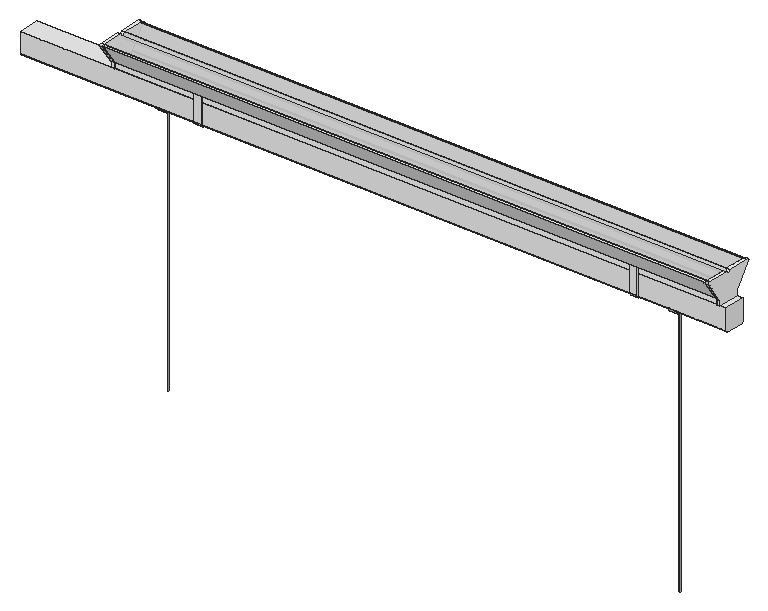
Revit family "0042288 Lighting Fixture_Sylvania_HSX Syl-Line_Ceiling Pendant", category Lighting Fixtures, host Face, Revit 2017
Family settings
  Host = Face
  Round Connector Dimension = Use Diameter
  Part Type = Normal
  OmniClass Number = 23.80.70.11.17
  OmniClass Title = Specialized Lighting by Location or Use
  Cut with Voids When Loaded = No
  Light Source = Yes
  Shared = No
  Room Calculation Point = No
Parameters (values of type "HSXSYL  LED NW DALI 1720 WB")
  Width = 164.0 mm
  Weight = 5.60 kg
  Wattage = 71.6129 W
  built-in parameter 1150110 = 1 (stored number, unit not read)
  Voltage Comments = "UNV (Universal Voltage; 220-240 Volt)"  # constant formula
  Voltage = 230 V  # constant formula
  URL = "http://www.sylvania-lighting.com"
  Trucking Material = Steel_Sylvania_HSX Syl-Line_White
  built-in parameter 1114217 = 1 (stored number, unit not read)
  Tilt Angle = -90.00°
  built-in parameter 1150109 = 1 (stored number, unit not read)
  built-in parameter 1150134 = 12
  Ta Rating = "-10°C to +25°C"  # constant formula
  T Class Min = -10 °C
  T Class Max = 25 °C
  built-in parameter 1150113 = 1 (stored number, unit not read)
  Product Page URL = "http://www.sylvania-lighting.com/product/en-int/products/0042288"
  Product Family = "HSX SYL-LINE"  # constant formula
  Photometry Comments = ""
  Photometric Web File = "0042288_HSXSYLLEDNWDALI1720WB-192675.ies"
  Mounting Material = Steel_Sylvania_HSX Syl-Line_White
  Mounting Height = 1000.0 mm
  Mounting Distance = Mounting Height - Height  # 832.5 mm
  Line End Right = 20.0 mm
  Line End Left = 300.0 mm
  Life = "50 000h"  # constant formula
  Length = 2000.0 mm
  LOR = "100%"
  Inrush Current (max. quantity per 16A C breaker) = "10"
  IP Rating = "IP20"  # constant formula
  IK Rating = "IK02"  # constant formula
  Height = 167.5 mm
  Glow Wire Test = 650 °C  # constant formula
  Emit from Line Length = Length - 20.0 mm  # 1980.0 mm
  Electrical Protection = "CLASS I"  # constant formula
  Drive Current = "350mA"
  built-in parameter 1114216 [instance] = 1 (stored number, unit not read)
  Cap Material = Plastic_Sylvania_HSX Syl-Line_White
  Model = "HSXSYL  LED NW DALI 1720 WB"
  Manufacturer = "Feilo Sylvania"
  built-in parameter 1150105 = 2339.7 (stored number, unit not read)
  Lumens = 6660 lm
  built-in parameter 1150115 = 1 (stored number, unit not read)
  built-in parameter 1150137 = (empty or 0)
  built-in parameter 1150139 = (empty or 0)
  built-in parameter 1150112 = 1 (stored number, unit not read)
  built-in parameter 1150114 = 1 (stored number, unit not read)
  Lamp = "Integrated LED"
  built-in parameter 1150132 = 2
  built-in parameter 1150102 = (empty or 0)
  built-in parameter 1150107 = 4000 (stored number, unit not read)
  built-in parameter 1150138 = (empty or 0)
  built-in parameter 1150106 = 23.397 (stored number, unit not read)
  CRI (Ra) = "<80"
  Bracket Width = Width - 93.4 mm  # 70.6 mm
  Bracket Height = Height - 73.5 mm  # 94.0 mm
  Body Material = Plastic_Sylvania_HSX Syl-Line_White
  built-in parameter 1150104 = 8.64 (stored number, unit not read)
  Dimming Lamp Color Temperature Shift = <None>
  Diffuser Material = Polycarbonate_Sylvania_HSX Syl-Line_4000K
  Description = "72W and 75W LED surface and suspended luminaires HSX Syl-Line is perfect for retail, industry, manufacturing, airports or data centres Extended offering of alternative optics for Syl-Line trunking Available with a white sheet steel reflector and a PMMA Diffuser Available in 1,720mm (same length as standard Syl-Line gear trays and trunking) High performance: delivers 6,660lm (luminaire lumen output on 72W version), equating to 93lm/W (total system efficiency) Available in neutral white (4,000K) Integrated LED solution that has the same aesthetics as the fluorescent version (non dotting) Energy efficient electronic gear including Analogue 1-10V dimmable, DALI dimmable and 3 hour emergency versions as standard Ease of installation through the plug connector Innovative clip design allows quick and simple installation of the electrical unit (average installation time of the gear tray at just over a minute) Energy class: A++, A+, A Long lifetime: 50,000 hours life at 70% of the original output L70"  # constant formula
  Default Elevation = 0.0 mm
  Color Filter = 16777215
  Catalog Number = "0042288 HSXSYL  LED NW DALI 1720 WB"
  built-in parameter 1140040 [instance] = 1
  built-in parameter 1114218 = 1 (stored number, unit not read)
  built-in parameter 1150133 = 10 (stored number, unit not read)
  Assembly Code = "D5020200"
  Apparent Load = 72 VA
Reference planes
  plane 1 "Center (Front/Back)": y = 0
  plane 2 "Trucking Top": z = 838.5
  plane 3 "Center (Left/Right)": x = 0
  plane 4 "Fixture Bottom": z = 1000
  plane 5: y = 34.283
  plane 6: y = -34.283
  plane 7 "Fixture Left": x = -1000
  plane 8 "Fixture Right": x = 1000
  plane 9: x = 990
  plane 10: x = -990
  plane 11: y = -82
  plane 12: y = 82
  plane 13: z = 987.5
  plane 14: z = 931.5
  plane 15 "Trucking Bottom": z = 911
  plane 16: y = 38.283
  plane 17: y = -38.283
  plane 18: z = 993.039
  plane 19: y = 7.5
  plane 20: y = -7.5
  plane 21: x = -1300
  plane 22: x = 1020
  plane 23: x = 728
  plane 24: x = -728
  plane 25: x = 853
  plane 26: x = -853
  plane 27 "Fixture Top": z = 832.5
  plane 28: z = 0
Forms (mm)
  Extrusion 1, solid, material "Plastic_Sylvania_HSX Syl-Line_White" <- "Cap Material", detail levels fine
    sketch origin (0, 0, 0) x (0, 1, 0) y (0, 0, 1)
      loop
        line (38.283, 931.5) -> (81.006, 993.776)
        arc (81.006, 993.776) -> (81.229, 997.88) -> (77.707, 1000) r 3.986
        line (77.707, 1000) -> (7.5, 1000) -> (0, 987.5) -> (-7.5, 1000) -> (-77.707, 1000)
        arc (-77.707, 1000) -> (-81.229, 997.88) -> (-81.006, 993.776) r 3.986
        line (-81.006, 993.776) -> (-38.283, 931.5) -> (-34.283, 931.5) -> (-34.283, 911) -> (34.283, 911) -> (34.283, 931.5) -> (38.283, 931.5)
    from 990 to 1000
  Extrusion 2, solid, material "Plastic_Sylvania_HSX Syl-Line_White" <- "Cap Material", detail levels fine
    sketch origin (0, 0, 0) x (0, 1, 0) y (0, 0, 1)
      loop
        line (38.283, 931.5) -> (81.006, 993.776)
        arc (81.006, 993.776) -> (81.229, 997.88) -> (77.707, 1000) r 3.986
        line (77.707, 1000) -> (7.5, 1000) -> (0, 987.5) -> (-7.5, 1000) -> (-77.707, 1000)
        arc (-77.707, 1000) -> (-81.229, 997.88) -> (-81.006, 993.776) r 3.986
        line (-81.006, 993.776) -> (-38.283, 931.5) -> (-34.283, 931.5) -> (-34.283, 911) -> (34.283, 911) -> (34.283, 931.5) -> (38.283, 931.5)
    from -1000 to -990
  Extrusion 3, solid, material "Plastic_Sylvania_HSX Syl-Line_White" <- "Body Material", detail levels coarse+medium
    sketch origin (0, 0, 0) x (0, 1, 0) y (0, 0, 1)
      loop
        line (38.283, 931.5) -> (81.006, 993.776)
        arc (81.006, 993.776) -> (81.229, 997.88) -> (77.707, 1000) r 3.986
        line (77.707, 1000) -> (7.5, 1000) -> (0, 987.5) -> (-7.5, 1000) -> (-77.707, 1000)
        arc (-77.707, 1000) -> (-81.229, 997.88) -> (-81.006, 993.776) r 3.986
        line (-81.006, 993.776) -> (-38.283, 931.5) -> (-34.283, 931.5) -> (-34.283, 911) -> (34.283, 911) -> (34.283, 931.5) -> (38.283, 931.5)
    from -1000 to 990
  Extrusion 4, solid, material "Plastic_Sylvania_HSX Syl-Line_White" <- "Body Material", detail levels fine
    sketch origin (0, 0, 0) x (0, 1, 0) y (0, 0, 1)
      loop
        line (37.757, 932.5) -> (80.18, 994.339)
        arc (80.18, 994.339) -> (80.345, 997.413) -> (77.707, 999) r 2.986
        line (77.707, 999) -> (74, 999) -> (74, 998) -> (77.707, 998)
        arc (77.707, 998) -> (79.461, 996.946) -> (79.353, 994.902) r 1.986
        line (79.353, 994.902) -> (37.23, 933.5) -> (32.283, 933.5) -> (32.283, 912) -> (-32.283, 912) -> (-32.283, 933.5) -> (-37.23, 933.5) -> (-79.353, 994.902)
        arc (-79.353, 994.902) -> (-79.461, 996.946) -> (-77.707, 998) r 1.986
        line (-77.707, 998) -> (-74, 998) -> (-74, 999) -> (-77.707, 999)
        arc (-77.707, 999) -> (-80.345, 997.413) -> (-80.18, 994.339) r 2.986
        line (-80.18, 994.339) -> (-37.757, 932.5) -> (-33.283, 932.5) -> (-33.283, 911) -> (33.283, 911) -> (33.283, 932.5) -> (37.757, 932.5)
    from -990 to 990
  Extrusion 5, solid, material "Polycarbonate_Sylvania_HSX Syl-Line_4000K" <- "Diffuser Material", detail levels fine
    sketch origin (0, 0, 0) x (0, 1, 0) y (0, 0, 1)
      loop
        line (74, 999) -> (8.066, 999) -> (0, 985.556) -> (-8.066, 999) -> (-74, 999) -> (-74, 998) -> (-8.632, 998) -> (0, 983.613) -> (8.632, 998) -> (74, 998) -> (74, 999)
    from -990 to 990
  Extrusion 6, solid, material "Steel_Sylvania_HSX Syl-Line_White" <- "Trucking Material"
    sketch origin (0, 0, 0) x (0, 1, 0) y (0, 0, 1)
      loop
        line (34.283, 844.5) -> (34.283, 911) -> (-34.283, 911) -> (-34.283, 844.5) -> (-28.283, 838.5) -> (28.283, 838.5) -> (34.283, 844.5)
    from -1300 to 1020
Lines and regions (mm)
  model lines, detail levels coarse+medium
    curve 1: line (-840.5, 0, 838.5) -> (-840.5, 0, 0)
    curve 2: line (840.5, 0, 838.5) -> (840.5, 0, 0)
Dimensions and locks
  equal spacing: plane 7 "Fixture Left", plane 3 "Center (Left/Right)", plane 8 "Fixture Right"
  "Length": plane 7 "Fixture Left" to plane 8 "Fixture Right"
  locked: plane 7 "Fixture Left" to plane 10 at 10
  locked: plane 9 to plane 8 "Fixture Right" at 10
  equal spacing: plane 12, plane 1 "Center (Front/Back)", plane 11
  "Width": plane 12 to plane 11
  plane 15 "Trucking Bottom" to plane 14 to plane 13 to plane 18 to plane 4 "Fixture Bottom" = 20.5 mm locked, 56.0 mm locked, 5.539 mm locked, 6.961 mm locked
  plane 12 to plane 16 to plane 5 to plane 19 = 43.717 mm locked, 4.0 mm locked, 26.783 mm locked
  plane 11 to plane 17 to plane 6 to plane 20 = 43.717 mm locked, 4.0 mm locked, 26.783 mm locked
  locked: Extrusion 5 sketch curve to plane 11 at 8
  locked: plane 12 to Extrusion 5 sketch curve at 8
  locked: Extrusion 4 sketch curve to plane 11 at 8
  locked: plane 12 to Extrusion 4 sketch curve at 8
  locked: Extrusion 6 sketch curve to plane 2 "Trucking Top" at 6  (x2)
  locked: Extrusion 6 sketch curve to plane 6 at 6
  locked: plane 5 to Extrusion 6 sketch curve at 6
  "Line End Left": plane 21 to plane 7 "Fixture Left"
  "Line End Right": plane 8 "Fixture Right" to plane 22
  plane 23 to plane 25 to plane 9 = 125.0 mm locked, 137.0 mm locked
  plane 10 to plane 26 to plane 24 = 137.0 mm locked, 125.0 mm locked
  locked: plane 2 "Trucking Top" to plane 27 "Fixture Top" at 6
  "Height": plane 27 "Fixture Top" to plane 4 "Fixture Bottom"
  "Mounting Height": plane 28 to plane 4 "Fixture Bottom"
  aligned and locked: level to host face
  aligned and locked: imposter light to plane 1 "Center (Front/Back)"
  aligned and locked: plane 3 "Center (Left/Right)" to imposter light
  aligned and locked: imposter light to plane 4 "Fixture Bottom"
  aligned and locked: plane 14 to Extrusion 1 sketch curve
  aligned and locked: Extrusion 1 sketch curve to plane 16
  aligned and locked: plane 15 "Trucking Bottom" to Extrusion 1 sketch curve
  aligned and locked: Extrusion 1 sketch curve to plane 5
  aligned and locked: Extrusion 1 sketch curve to plane 6
  aligned and locked: Extrusion 1 sketch curve to plane 14
  aligned and locked: plane 1 "Center (Front/Back)" to Extrusion 1 sketch curve
  aligned and locked: plane 13 to Extrusion 1 sketch curve
  aligned and locked: plane 4 "Fixture Bottom" to Extrusion 1 sketch curve  (x2)
  aligned and locked: Extrusion 1 sketch curve to plane 19
  aligned and locked: plane 20 to Extrusion 1 sketch curve
  aligned and locked: Extrusion 1 to plane 8 "Fixture Right"
  aligned and locked: plane 9 to Extrusion 1
  aligned and locked: Extrusion 2 to plane 7 "Fixture Left"
  aligned and locked: plane 10 to Extrusion 2
  aligned and locked: Extrusion 3 to plane 7 "Fixture Left"
  aligned and locked: plane 15 "Trucking Bottom" to Extrusion 4 sketch curve
  aligned and locked: Extrusion 4 to plane 9
  aligned and locked: Extrusion 4 to plane 10
  aligned and locked: plane 5 to Extrusion 6 sketch curve
  aligned and locked: plane 6 to Extrusion 6 sketch curve
  aligned and locked: plane 2 "Trucking Top" to Extrusion 6 sketch curve
  aligned and locked: plane 15 "Trucking Bottom" to Extrusion 6 sketch curve
  aligned and locked: Extrusion 6 to plane 21
  aligned and locked: Extrusion 6 to plane 22
  aligned and locked: plane 1 "Center (Front/Back)" to nested 1
  aligned and locked: nested 1 to plane 14
  aligned and locked: plane 23 to nested 1
  aligned and locked: Extrusion 3 to plane 9
  aligned and locked: Extrusion 5 to plane 9
  aligned and locked: Extrusion 5 to plane 10
  aligned and locked: plane 24 to nested 2
  aligned and locked: nested 1 to plane 23
  aligned and locked: plane 2 "Trucking Top" to nested 2
  aligned and locked: plane 25 to nested 3
  aligned and locked: plane 26 to nested 4
  aligned and locked: plane 27 "Fixture Top" to nested 4
  aligned and locked: plane 27 "Fixture Top" to nested 3
  aligned and locked: plane 28 to level
  aligned and locked: level to curve 1
  aligned and locked: plane 2 "Trucking Top" to curve 1
  aligned and locked: curve 1 to plane 1 "Center (Front/Back)"
  aligned and locked: nested 3 to curve 2
  aligned and locked: plane 2 "Trucking Top" to curve 2
  aligned and locked: plane 28 to curve 2
Automatic sketch dimensions
  host sketch curve to host sketch curve = 2549.992 mm
  host sketch curve to host sketch curve = 1283.632 mm
  Extrusion 1 sketch curve to plane 17 = 0.0 mm
  Extrusion 1 sketch curve to plane 18 = 0.737 mm  (x2)
  Extrusion 1 sketch curve to plane 11 = 4.293 mm
  Extrusion 1 sketch curve to plane 11 = 0.994 mm
  Extrusion 1 sketch curve to plane 12 = 4.293 mm
  Extrusion 1 sketch curve to plane 12 = 0.994 mm
  plane 4 "Fixture Bottom" to Extrusion 2 sketch curve = 0.0 mm  (x2)
  plane 14 to Extrusion 2 sketch curve = 0.0 mm  (x2)
  Extrusion 2 sketch curve to plane 17 = 0.0 mm
  Extrusion 2 sketch curve to plane 6 = 0.0 mm
  Extrusion 2 sketch curve to plane 20 = 0.0 mm
  Extrusion 2 sketch curve to plane 1 "Center (Front/Back)" = 0.0 mm
  Extrusion 2 sketch curve to plane 19 = 0.0 mm
  Extrusion 2 sketch curve to plane 5 = 0.0 mm
  Extrusion 2 sketch curve to plane 16 = 0.0 mm
  plane 15 "Trucking Bottom" to Extrusion 2 sketch curve = 0.0 mm
  Extrusion 2 sketch curve to plane 13 = 0.0 mm
  Extrusion 2 sketch curve to plane 11 = 4.293 mm
  Extrusion 2 sketch curve to plane 18 = 0.737 mm  (x2)
  Extrusion 2 sketch curve to plane 11 = 0.994 mm
  Extrusion 2 sketch curve to plane 12 = 4.293 mm
  Extrusion 2 sketch curve to plane 12 = 0.994 mm
  plane 4 "Fixture Bottom" to Extrusion 3 sketch curve = 0.0 mm  (x2)
  plane 14 to Extrusion 3 sketch curve = 0.0 mm  (x2)
  Extrusion 3 sketch curve to plane 17 = 0.0 mm
  Extrusion 3 sketch curve to plane 6 = 0.0 mm
  Extrusion 3 sketch curve to plane 20 = 0.0 mm
  Extrusion 3 sketch curve to plane 1 "Center (Front/Back)" = 0.0 mm
  Extrusion 3 sketch curve to plane 19 = 0.0 mm
  Extrusion 3 sketch curve to plane 5 = 0.0 mm
  Extrusion 3 sketch curve to plane 16 = 0.0 mm
  plane 15 "Trucking Bottom" to Extrusion 3 sketch curve = 0.0 mm
  Extrusion 3 sketch curve to plane 13 = 0.0 mm
  Extrusion 3 sketch curve to plane 11 = 4.293 mm
  Extrusion 3 sketch curve to plane 18 = 0.737 mm  (x2)
  Extrusion 3 sketch curve to plane 11 = 0.994 mm
  Extrusion 3 sketch curve to plane 12 = 4.293 mm
  Extrusion 3 sketch curve to plane 12 = 0.994 mm
  Extrusion 4 sketch curve to plane 14 = 1.0 mm  (x2)
  Extrusion 4 sketch curve to plane 16 = 0.527 mm
  plane 4 "Fixture Bottom" to Extrusion 4 sketch curve = 1.0 mm  (x2)
  Extrusion 4 sketch curve to plane 17 = 0.527 mm
  plane 6 to Extrusion 4 sketch curve = 1.0 mm
  Extrusion 4 sketch curve to plane 5 = 1.0 mm
  Extrusion 4 sketch curve to plane 11 = 1.82 mm
  Extrusion 4 sketch curve to plane 18 = 1.301 mm  (x2)
  Extrusion 4 sketch curve to plane 12 = 1.82 mm
  Extrusion 4 sketch curve to Extrusion 4 sketch curve = 0.527 mm  (x2)
  Extrusion 4 sketch curve to Extrusion 4 sketch curve = 0.826 mm  (x2)
  Extrusion 4 sketch curve to Extrusion 4 sketch curve = 0.563 mm  (x2)
  Extrusion 4 sketch curve to Extrusion 4 sketch curve = 0.0 mm  (x4)
  Extrusion 4 sketch curve to Extrusion 4 sketch curve = 1.0 mm  (x4)
  Extrusion 4 sketch curve to plane 15 "Trucking Bottom" = 1.0 mm
  Extrusion 5 sketch curve to plane 1 "Center (Front/Back)" = 0.0 mm  (x2)
  plane 20 to Extrusion 5 sketch curve = 0.566 mm
  plane 20 to Extrusion 5 sketch curve = 1.132 mm
  plane 19 to Extrusion 5 sketch curve = 0.566 mm
  plane 19 to Extrusion 5 sketch curve = 1.132 mm
  plane 4 "Fixture Bottom" to Extrusion 5 sketch curve = 2.0 mm  (x2)
  Extrusion 5 sketch curve to plane 13 = 3.887 mm
  Extrusion 5 sketch curve to Extrusion 5 sketch curve = 1.944 mm
  plane 4 "Fixture Bottom" to Extrusion 5 sketch curve = 1.0 mm  (x2)
  plane 4 "Fixture Bottom" to Extrusion 4 sketch curve = 2.0 mm  (x2)
  curve 1 to plane 27 "Fixture Top" = 6.0 mm
  curve 1 to level = 0.0 mm
Nested families
  nested 1: "Mounting Bracket" at (703, 0, 931.5) x (0, -1, 0) z (0, 0, -1), type "Mounting Bracket", detail levels fine
  nested 2: "Mounting Bracket" at (-728, 0, 931.5) x (0, -1, 0) z (0, 0, -1), type "Mounting Bracket", detail levels fine
  nested 3: "Top Mounting Bracket" at (853, 0, 845.5) x (0, 1, 0) z (0, 0, -1), type "Top Mounting Bracket", detail levels fine
    with Mounting Distance 832.5 mm
  nested 4: "Top Mounting Bracket" at (-828, 0, 845.5) x (0, 1, 0) z (0, 0, -1), type "Top Mounting Bracket", detail levels fine
    with Mounting Distance 832.5 mm
Connectors
  electrical at (-1300, 0, 864.667), driven by "Voltage", driven by "Apparent Load"
    settings: on Extrusion 6, index 1, voltage 230 V, apparent load 0 VA, apparent load phase1 72 VA, apparent load phase2 0 VA, apparent load phase3 0 VA, power factor 1, load classification "Lighting", number of poles 1, system type 31, power factor state 1, is connector primary yes, connector utility no, sub classification motor no, connector description ""
Definition of nested family "Mounting Bracket"
  Parameters
    Mounting Material = none
    Length = 25.0 mm
    Height = 94.0 mm
    Width = 70.6 mm
    Default Elevation = 0.0 mm
  Reference planes
    plane 1 "Center (Front/Back)": y = 0
    plane 2: z = 0
    plane 3 "Center (Left/Right)": x = 0
    plane 4: x = -35.3
    plane 5: x = 35.3
    plane 6: y = -25
    plane 7: y = -12.5
    plane 8: z = 94
  Forms (mm)
    Extrusion 1, solid, material <- "Mounting Material"
      sketch origin (0, 0, 0) x (1, 0, 0) y (0, 0, 1)
        loop
          line (35.3, 87.5) -> (28.8, 94) -> (20.3, 94) -> (20.3, 93) -> (28.386, 93) -> (34.3, 87.086) -> (34.3, 0) -> (35.3, 0) -> (35.3, 87.5)
        loop
          line (-35.3, 87.5) -> (-35.3, 0) -> (-34.3, 0) -> (-34.3, 87.086) -> (-28.386, 93) -> (-20.3, 93) -> (-20.3, 94) -> (-28.8, 94) -> (-35.3, 87.5)
      from 0 to 25
  Dimensions and locks
    equal spacing: plane 5, plane 3 "Center (Left/Right)", plane 4
    "Width": plane 5 to plane 4
    "Length": plane 6 to plane 1 "Center (Front/Back)"
    equal spacing: plane 6, plane 7, plane 1 "Center (Front/Back)"
    "Height": plane 8 to plane 2
    locked: plane 8 to Extrusion 1 sketch curve at 1
    locked: plane 8 to Extrusion 1 sketch curve at 6.5  (x2)
    locked: Extrusion 1 sketch curve to plane 4 at 6.5
    locked: plane 5 to Extrusion 1 sketch curve at 6.5
    locked: Extrusion 1 sketch curve to plane 4 at 1
    locked: plane 5 to Extrusion 1 sketch curve at 1
    locked: Extrusion 1 sketch curve to plane 4 at 15
    locked: plane 5 to Extrusion 1 sketch curve at 15
    aligned and locked: level to plane 2
    aligned and locked: Extrusion 1 to plane 6
    aligned and locked: Extrusion 1 sketch curve to plane 8
    aligned and locked: Extrusion 1 sketch curve to plane 4
    aligned and locked: Extrusion 1 sketch curve to plane 5
  Automatic sketch dimensions
    Extrusion 1 sketch curve to level = 0.0 mm  (x2)
    plane 4 to Extrusion 1 sketch curve = 6.914 mm
    Extrusion 1 sketch curve to Extrusion 1 sketch curve = 0.414 mm  (x3)
    plane 8 to Extrusion 1 sketch curve = 0.0 mm
    Extrusion 1 sketch curve to plane 8 = 1.0 mm
Definition of nested family "Top Mounting Bracket"
  Parameters
    Mounting Material = none
    Mounting Distance = 500.0 mm
    Length = 25.0 mm
    Height = 13.0 mm
    Width = 70.6 mm
    Default Elevation = 0.0 mm
  Reference planes
    plane 1 "Center (Front/Back)": y = 0
    plane 2: z = 0
    plane 3 "Center (Left/Right)": x = 0
    plane 4: x = -35.3
    plane 5: x = 35.3
    plane 6: y = -25
    plane 7: y = -12.5
    plane 8: z = 13
    plane 9: z = 513
  Forms (mm)
    Extrusion 1, solid, material <- "Mounting Material"
      sketch origin (0, 0, 0) x (1, 0, 0) y (0, 0, 1)
        loop
          line (35.3, 1.5) -> (23.8, 13) -> (-23.8, 13) -> (-35.3, 1.5) -> (-35.3, 0) -> (-34.3, 0) -> (-34.3, 1.086) -> (-23.386, 12) -> (23.386, 12) -> (34.3, 1.086) -> (34.3, 0) -> (35.3, 0) -> (35.3, 1.5)
      from 0 to 25
    Extrusion 2, solid
      sketch origin (0, 0, 0) x (1, 0, 0) y (0, 1, 0)
        loop
          circle (0, -12.5) r 2
      from 13 to 513
  Dimensions and locks
    equal spacing: plane 5, plane 3 "Center (Left/Right)", plane 4
    "Width": plane 5 to plane 4
    "Length": plane 6 to plane 1 "Center (Front/Back)"
    equal spacing: plane 6, plane 7, plane 1 "Center (Front/Back)"
    plane 8 to Extrusion 1 sketch curve = 13.0 mm
    locked: Extrusion 1 sketch curve to plane 4 at 11.5
    locked: plane 5 to Extrusion 1 sketch curve at 11.5
    "Height": plane 8 to level
    "Mounting Distance": plane 9 to plane 8
    aligned and locked: level to plane 2
    aligned and locked: Extrusion 1 to plane 6
    aligned and locked: Extrusion 1 sketch curve to plane 4
    aligned and locked: Extrusion 1 sketch curve to plane 5
    aligned and locked: Extrusion 1 sketch curve to plane 8
    aligned and locked: Extrusion 1 sketch curve to Extrusion 1 sketch curve
    aligned and locked: plane 9 to Extrusion 2
    aligned and locked: Extrusion 2 to Extrusion 1
  Automatic sketch dimensions
    plane 4 to Extrusion 1 sketch curve = 1.0 mm
    Extrusion 1 sketch curve to Extrusion 1 sketch curve = 0.414 mm  (x4)
    Extrusion 1 sketch curve to plane 5 = 1.0 mm
    Extrusion 1 sketch curve to Extrusion 1 sketch curve = 1.086 mm
    Extrusion 1 sketch curve to plane 8 = 1.0 mm
    Extrusion 1 sketch curve to plane 8 = 11.914 mm
    Extrusion 2 sketch curve to plane 3 "Center (Left/Right)" = 0.0 mm
    plane 7 to Extrusion 2 sketch curve = 0.0 mm
    radius of Extrusion 2 sketch curve = 2.0 mm
